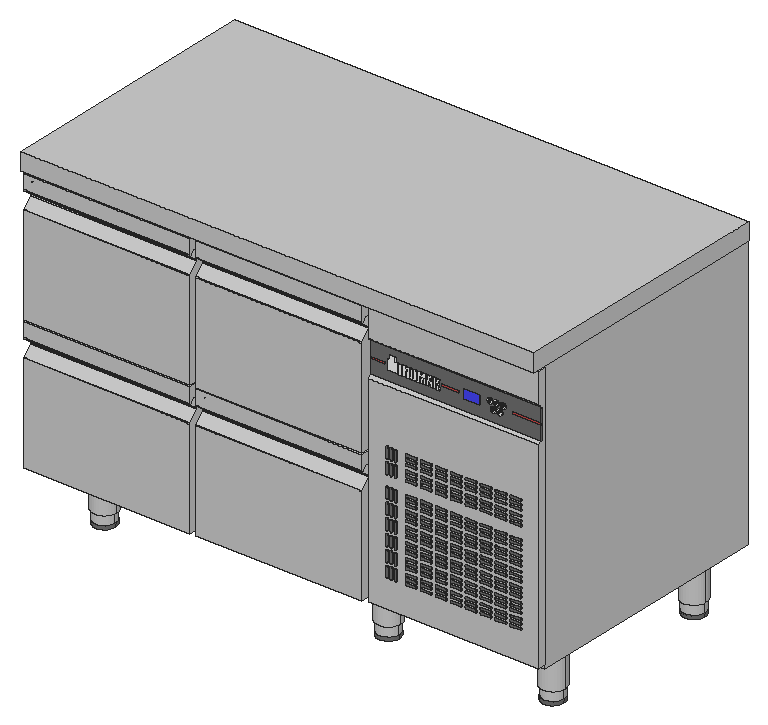
Revit family "QF_INOMAK_PNRP99_250611032759", category Specialty Equipment, Revit 2021 (continued)
Definition of nested family "QF_INOMAK_REF_COUNTERS_DOORS_DRAWERS_16448"
  Parameters (values of type "DR-LX-710")
    Point Load [instance] = 0
    Plinth height [instance] = 0 mm
    Other Equipment Approvals [instance] = ""
    NAFEM Spec ID Number [instance] = ""
    Model Warning [instance] = ""
    Model = "DR-LX-710"
    Masterspec [instance] = ""
    Manufacturer = "INOMAK"
    Length Actual [instance] = 435 mm
    Left panel thickness [instance] = 0 mm
    Item Number [instance] = ""
    Installed By [instance] = ""
    Installation Date [instance] = ""
    Identify Quantity as Lot [instance] = yes
    ID [instance] = ""
    Hygiene Approval [instance] = ""
    Height Actual [instance] = 710 mm
    Furnished By [instance] = ""
    Front inset [instance] = 10 mm
    Foodservice Equipment Identifier [instance] = yes
    Finish [instance] = none
    ETL Approved [instance] = yes
    Doors drawers type [instance] = 8
    Description = "LEFT HINGED DOOR"
    Depth Actual [instance] = 700 mm
    Default Elevation = 0 mm
    CSI MasterFormat [instance] = ""
    CE Approved [instance] = yes
    Bottom inset [instance] = 10 mm
    Barcode [instance] = ""
    Author [instance] = ""
    Asset Identifier [instance] = ""
    Assembly Code = "E1090320"
    Accessory [instance] = yes
  Types (9, lengths in mm): name | Model | Height Actual | Doors drawers type | Description
    DW-2-710 | "DW-2-710" | 710 | 4 | "2 X GN 1/2 DRAWERS"
    DR-LX-710 | "DR-LX-710" | 710 | 8 | "LEFT HINGED DOOR"
    DR-RX-710 | "DR-RX-710" | 710 | 9 | "RIGHT HINGED DOOR"
    DW-3-710 | "DW-3-710" | 710 | 6 | "3 X GN 1/3 DRAWERS"
    DW-B-710 | "DW-B-710" | 710 | 5 | "1 X GN 1/3 & 1 X GN 2/3 DRAWERS"
    DW-2-483 | "DW-2-483" | 483 | 4 | "2 X GN 1/3 DRAWERS"
    DR-LX-483 | "DR-LX-483" | 483 | 8 | "LEFT HINGED DOOR"
    DR-RX-483 | "DR-RX-483" | 483 | 9 | "RIGHT HINGED DOOR"
    DW-1-483 | "DW-1-483" | 483 | 10 | "1 X GN 2/3 DRAWER"
  Reference planes
    plane 1 "Front": y = 0
    plane 2: z = 0
    plane 3 "Left": x = 0
    plane 4 "Right": x = 435
    plane 5 "Back": y = 700
    plane 6 "Top": z = 710
    plane 7 "Bottom shelf": z = 0
    plane 8: z = 700
    plane 9: z = 10
    plane 10: x = 0
    plane 11: x = 435
    plane 12 "Center Top Bottom": z = 355
  Lines and regions (mm)
    reference lines
      curve 1: line (0, 0, 355) -> (0, 25, 355)
      curve 2: line (435, 0, 355) -> (435, 25, 355)
      curve 3: line (0, 700, 355) -> (435, 700, 355)
      curve 4: line (0, 0, 355) -> (435, 0, 355)
  Dimensions and locks
    "Length Actual": plane 3 "Left" to plane 4 "Right"
    "Depth Actual": plane 1 "Front" to plane 5 "Back"
    "Height Actual": plane 6 "Top" to plane 7 "Bottom shelf"
    "Plinth height": plane 7 "Bottom shelf" to plane 2
    "Top inset": plane 6 "Top" to plane 8
    "Bottom inset": plane 9 to plane 7 "Bottom shelf"
    "Left panel thickness": plane 3 "Left" to plane 10
    "Right panel thickness": plane 11 to plane 4 "Right"
    equal spacing: plane 6 "Top", plane 12 "Center Top Bottom", plane 7 "Bottom shelf"
    "Length Actual": curve 1 to plane 4 "Right"
    "Length Actual": plane 3 "Left" to curve 2
    "Depth Actual": plane 1 "Front" to curve 3
    "Depth Actual": plane 5 "Back" to curve 4
    aligned and locked: level to plane 2
    aligned and locked: plane 3 "Left" to nested 1
    aligned and locked: plane 3 "Left" to nested 2
    aligned and locked: plane 3 "Left" to nested 3
    aligned and locked: plane 3 "Left" to nested 4
    aligned and locked: plane 3 "Left" to nested 5
    aligned and locked: plane 3 "Left" to nested 6
    aligned and locked: plane 3 "Left" to nested 7
    aligned and locked: plane 3 "Left" to nested 8
    aligned and locked: plane 3 "Left" to nested 9
    aligned and locked: nested 4 to plane 1 "Front"
    aligned and locked: nested 6 to plane 1 "Front"
    aligned and locked: nested 8 to plane 1 "Front"
    aligned and locked: nested 5 to plane 1 "Front"
    aligned and locked: nested 3 to plane 1 "Front"
    aligned and locked: nested 7 to plane 1 "Front"
    aligned and locked: nested 2 to plane 1 "Front"
    aligned and locked: nested 1 to plane 1 "Front"
    aligned and locked: nested 9 to plane 1 "Front"
  Automatic sketch dimensions
    curve 3 to plane 4 "Right" = 0 mm
    curve 3 to plane 3 "Left" = 0 mm
    curve 2 to curve 2 = 25 mm
    curve 1 to curve 1 = 25 mm
  Nested families
    nested 1: "Right_Door" at (0, 700, 0), Depth Actual <- "Depth Actual", Height Actual <- "Height Actual", Length Actual <- "Length Actual", Front inset <- "Front inset", Rear inset <- "Rear inset", Left panel thickness <- "Left panel thickness", Right panel thickness <- "Right panel thickness", Doors drawers type <- "Doors drawers type", Plinth height <- "Plinth height", Top inset <- "Top inset", Bottom inset <- "Bottom inset", type "Right door"
      with Top inset 10 mm, Right panel thickness 0 mm, Right hand hinged door no, Rear inset 0 mm, Plinth height 0 mm, Length Actual 435 mm, Left panel thickness 0 mm, Height Actual 710 mm, Front inset 10 mm, Doors drawers type 8, Depth Actual 700 mm, Bottom inset 10 mm
    nested 2: "Left_Door" at (0, 700, 0), Depth Actual <- "Depth Actual", Height Actual <- "Height Actual", Length Actual <- "Length Actual", Front inset <- "Front inset", Rear inset <- "Rear inset", Left panel thickness <- "Left panel thickness", Right panel thickness <- "Right panel thickness", Doors drawers type <- "Doors drawers type", Plinth height <- "Plinth height", Top inset <- "Top inset", Bottom inset <- "Bottom inset", type "Left door"
      with Top inset 10 mm, Right panel thickness 0 mm, Rear inset 0 mm, Plinth height 0 mm, Length Actual 435 mm, Left panel thickness 0 mm, Left hand hinged door yes, Height Actual 710 mm, Front inset 10 mm, Doors drawers type 8, Depth Actual 700 mm, Bottom inset 10 mm
    nested 3: "3_Drawers_1-3" at (0, 700, 0), Depth Actual <- "Depth Actual", Height Actual <- "Height Actual", Length Actual <- "Length Actual", Front inset <- "Front inset", Rear inset <- "Rear inset", Left panel thickness <- "Left panel thickness", Right panel thickness <- "Right panel thickness", Doors drawers type <- "Doors drawers type", Plinth height <- "Plinth height", Top inset <- "Top inset", Bottom inset <- "Bottom inset", type "3 Drawers 1-3"
      with Top inset 10 mm, Right panel thickness 0 mm, Rear inset 0 mm, Plinth height 0 mm, Length Actual 435 mm, Left panel thickness 0 mm, Height Actual 710 mm, Front inset 10 mm, Doors drawers type 8, Depth Actual 700 mm, Bottom inset 10 mm, 3 Drawers no
    nested 4: "2_Drawers_1-2" at (0, 700, 0), Depth Actual <- "Depth Actual", Height Actual <- "Height Actual", Length Actual <- "Length Actual", Front inset <- "Front inset", Rear inset <- "Rear inset", Left panel thickness <- "Left panel thickness", Right panel thickness <- "Right panel thickness", Doors drawers type <- "Doors drawers type", Plinth height <- "Plinth height", Top inset <- "Top inset", Bottom inset <- "Bottom inset", type "2 Drawers 1-2"
      with Top inset 10 mm, Right panel thickness 0 mm, Rear inset 0 mm, Plinth height 0 mm, Length Actual 435 mm, Left panel thickness 0 mm, Height Actual 710 mm, Front inset 10 mm, Doors drawers type 8, Depth Actual 700 mm, Bottom inset 10 mm, 2 Drawers no
    nested 5: "2_Drawers_1-3_2-3" at (0, 700, 0), Depth Actual <- "Depth Actual", Height Actual <- "Height Actual", Length Actual <- "Length Actual", Front inset <- "Front inset", Rear inset <- "Rear inset", Left panel thickness <- "Left panel thickness", Right panel thickness <- "Right panel thickness", Doors drawers type <- "Doors drawers type", Plinth height <- "Plinth height", Top inset <- "Top inset", Bottom inset <- "Bottom inset", type "2 Drawers 1-3 and 2-3"
      with Top inset 10 mm, Right panel thickness 0 mm, Rear inset 0 mm, Plinth height 0 mm, Length Actual 435 mm, Left panel thickness 0 mm, Height Actual 710 mm, Front inset 10 mm, Doors drawers type 8, Depth Actual 700 mm, Bottom inset 10 mm, 2 Drawers 1-3 and 2-3 no
    nested 6: "Sliding_Doors" at (0, 700, 0), Depth Actual <- "Depth Actual", Height Actual <- "Height Actual", Length Actual <- "Length Actual", Front inset <- "Front inset", Rear inset <- "Rear inset", Left panel thickness <- "Left panel thickness", Right panel thickness <- "Right panel thickness", Doors drawers type <- "Doors drawers type", Plinth height <- "Plinth height", Top inset <- "Top inset", Bottom inset <- "Bottom inset", Finish <- "Finish", type "Sliding doors"
      with Top inset 10 mm, Sliding doors no, Right panel thickness 0 mm, Rear inset 0 mm, Plinth height 0 mm, Length Actual 435 mm, Left panel thickness 0 mm, Height Actual 710 mm, Front inset 10 mm, Finish none, Doors drawers type 8, Depth Actual 700 mm, Bottom inset 10 mm
    nested 7: "4_Drawers_1-4" at (0, 700, 0), Depth Actual <- "Depth Actual", Height Actual <- "Height Actual", Length Actual <- "Length Actual", Front inset <- "Front inset", Rear inset <- "Rear inset", Left panel thickness <- "Left panel thickness", Right panel thickness <- "Right panel thickness", Doors drawers type <- "Doors drawers type", Plinth height <- "Plinth height", Top inset <- "Top inset", Bottom inset <- "Bottom inset", Finish <- "Finish", type "4 Drawers 1-4"
      with Top inset 10 mm, Right panel thickness 0 mm, Rear inset 0 mm, Plinth height 0 mm, Length Actual 435 mm, Left panel thickness 0 mm, Height Actual 710 mm, Front inset 10 mm, Finish none, Doors drawers type 8, Depth Actual 700 mm, Bottom inset 10 mm, 4 Drawers no
    nested 8: "Hinged_Doors" at (0, 700, 0), Length Actual <- "Length Actual", Depth Actual <- "Depth Actual", Height Actual <- "Height Actual", Front inset <- "Front inset", Rear inset <- "Rear inset", Left panel thickness <- "Left panel thickness", Right panel thickness <- "Right panel thickness", Doors drawers type <- "Doors drawers type", Plinth height <- "Plinth height", Top inset <- "Top inset", Bottom inset <- "Bottom inset", Finish <- "Finish", type "Hinged doors"
      with Top inset 10 mm, Right panel thickness 0 mm, Rear inset 0 mm, Plinth height 0 mm, Length Actual 435 mm, Left panel thickness 0 mm, Hinged doors no, Height Actual 710 mm, Front inset 10 mm, Finish none, Doors drawers type 8, Depth Actual 700 mm, Bottom inset 10 mm
    nested 9: "Hopper" at (0, 700, 1.284), Length Actual <- "Length Actual", Depth Actual <- "Depth Actual", Height Actual <- "Height Actual", Front inset <- "Front inset", Rear inset <- "Rear inset", Left panel thickness <- "Left panel thickness", Right panel thickness <- "Right panel thickness", Doors drawers type <- "Doors drawers type", Plinth height <- "Plinth height", Top inset <- "Top inset", Bottom inset <- "Bottom inset", Finish <- "Finish", type "Hopper"
      with Top inset 10 mm, Right panel thickness 0 mm, Rear inset 0 mm, Plinth height 0 mm, Length Actual 435 mm, Left panel thickness 0 mm, Hopper no, Height Actual 710 mm, Front inset 10 mm, Finish none, Doors drawers type 8, Depth Actual 700 mm, Bottom inset 10 mm
  Definition of nested family "Left_Door"
    Parameters (values of type "Left door")
      URL = "www.specifiglobal.com"
      Top inset [instance] = 10 mm
      Right panel thickness [instance] = 0 mm
      Rear inset [instance] = 0 mm
      Plinth height [instance] = 150 mm
      Model = ""
      Manufacturer = "DEMO CONSULTANT"
      Length Actual [instance] = 700 mm
      Left panel thickness [instance] = 0 mm
      Left hand hinged door [instance] = Doors drawers type = 8  # yes
      Height Actual [instance] = 710 mm
      Front inset [instance] = 10 mm
      Finish = none
      Doors drawers type [instance] = 8
      Description = ""
      Depth Actual [instance] = 700 mm
      Default Elevation = 0 mm
      Bottom inset [instance] = 0 mm
      Assembly Code = "E1090320"
    Reference planes
      plane 1 "Back": y = 0
      plane 2: z = 0
      plane 3 "Left": x = 0
      plane 4 "Right": x = 700
      plane 5 "Front": y = -700
      plane 6 "Top": z = 860
      plane 7 "Front legs": y = -690
      plane 8 "Legs top": z = 150
      plane 9 "Backsplash thickness": y = 0
      plane 10 "Left panel": x = 0
      plane 11 "Right panel": x = 700
      plane 12: z = 850
      plane 13: z = 150
    Forms (mm)
      Extrusion 1, solid, material <- "Finish", visible <- "Left hand hinged door"
        sketch origin (0, 0, 0) x (0, -1, 0) y (0, 0, 1)
          loop
            line (690, 150) -> (690, 764.365)
            arc (690, 764.365) -> (689.866, 765.037) -> (689.485, 765.607) r 1.757
            line (689.485, 765.607) -> (666.663, 788.429)
            arc (666.663, 788.429) -> (665.976, 789.458) -> (665.734, 790.672) r 3.172
            line (665.734, 790.672) -> (665.734, 817.576)
            arc (665.734, 817.576) -> (666.433, 819.262) -> (668.119, 819.961) r 2.385
            line (668.119, 819.961) -> (680.029, 819.961) -> (686.544, 810.657)
            arc (686.544, 810.657) -> (688.671, 809.935) -> (690, 811.747) r 1.9
            line (690, 811.747) -> (690, 850) -> (648, 850) -> (648, 150) -> (690, 150)
        from 0 to -700
      Extrusion 2, solid, visible <- "Left hand hinged door", detail levels coarse
        sketch origin (0, -700, 150) x (-1, 0, 0) y (0, 1, 0)
          loop
            arc (-700, 10) -> (-495.871, -481.066) -> (0, -673.23) r 677.11
            line (0, -673.23) -> (0, 10) -> (-700, 10)
        from 0 to -700
    Lines and regions (mm)
      symbolic lines, visible <- "Left hand hinged door"
        curve 1: line (0, -700, 150) -> (0, -1373.247, 150)
        curve 2: arc (0, -1373.247, 150) -> (492.316, -1184.595, 150) -> (700, -700, 150) r 676.963
    Dimensions and locks
      "Length Actual": plane 3 "Left" to plane 4 "Right"
      "Depth Actual": plane 5 "Front" to plane 1 "Back"
      "Height Actual": plane 6 "Top" to plane 8 "Legs top"
      "Front inset": plane 7 "Front legs" to plane 5 "Front"
      "Plinth height": plane 8 "Legs top" to plane 2
      "Rear inset": plane 9 "Backsplash thickness" to plane 1 "Back"
      "Right panel thickness": plane 11 "Right panel" to plane 4 "Right"
      "Left panel thickness": plane 3 "Left" to plane 10 "Left panel"
      "Top inset": plane 6 "Top" to plane 12
      "Bottom inset": plane 13 to plane 8 "Legs top"
      aligned and locked: level to plane 2
      aligned and locked: Extrusion 1 to plane 11 "Right panel"
      aligned and locked: plane 10 "Left panel" to Extrusion 2 sketch curve
      aligned and locked: plane 11 "Right panel" to Extrusion 2 sketch curve
      aligned and locked: Extrusion 2 sketch curve to plane 10 "Left panel"
      aligned and locked: plane 7 "Front legs" to Extrusion 2 sketch curve
      aligned and locked: plane 7 "Front legs" to Extrusion 2
      aligned and locked: plane 10 "Left panel" to Extrusion 2
      aligned and locked: Extrusion 2 to plane 12
      aligned and locked: Extrusion 1 sketch curve to plane 13
      aligned and locked: Extrusion 1 sketch curve to plane 7 "Front legs"
      aligned and locked: Extrusion 1 sketch curve to plane 12
    Automatic sketch dimensions
      Extrusion 1 sketch curve to Extrusion 1 sketch curve = 1.556 mm
      Extrusion 1 sketch curve to Extrusion 1 sketch curve = 11.91 mm
      Extrusion 1 sketch curve to Extrusion 1 sketch curve = 2.243 mm
      Extrusion 1 sketch curve to Extrusion 1 sketch curve = 2.385 mm
      Extrusion 1 sketch curve to Extrusion 1 sketch curve = 20.119 mm
      Extrusion 1 sketch curve to Extrusion 1 sketch curve = 22.822 mm
      Extrusion 1 sketch curve to Extrusion 1 sketch curve = 19.985 mm
      Extrusion 1 sketch curve to Extrusion 1 sketch curve = 6.919 mm
      Extrusion 1 sketch curve to Extrusion 1 sketch curve = 30.039 mm
      plane 7 "Front legs" to Extrusion 1 sketch curve = 42 mm
      Extrusion 1 sketch curve to Extrusion 1 sketch curve = 0.929 mm
      Extrusion 1 sketch curve to Extrusion 1 sketch curve = 6.515 mm
      Extrusion 1 sketch curve to Extrusion 1 sketch curve = 1.242 mm
      Extrusion 1 sketch curve to Extrusion 1 sketch curve = 1.9 mm
      Extrusion 1 sketch curve to Extrusion 1 sketch curve = 0.515 mm
      plane 5 "Front" to Extrusion 2 sketch curve = 3.492 mm
      plane 3 "Left" to Extrusion 2 sketch curve = 22.921 mm
      curve 1 to plane 3 "Left" = 0 mm
      curve 2 to plane 4 "Right" = 0 mm
      curve 2 to plane 5 "Front" = 0 mm
      curve 1 to plane 5 "Front" = 0 mm
      plane 5 "Front" to curve 2 = 3.324 mm
      plane 3 "Left" to curve 2 = 23.045 mm
  Definition of nested family "Right_Door"
    Parameters (values of type "Right door")
      URL = "www.specifiglobal.com"
      Top inset [instance] = 4 mm
      Right panel thickness [instance] = 35 mm
      Right hand hinged door [instance] = Doors drawers type = 9  # yes
      Rear inset [instance] = 10 mm
      Plinth height [instance] = 150 mm
      Model = ""
      Manufacturer = "DEMO CONSULTANT"
      Length Actual [instance] = 1700 mm
      Left panel thickness [instance] = 35 mm
      Height Actual [instance] = 900 mm
      Front inset [instance] = 10 mm
      Finish = none
      Doors drawers type [instance] = 9
      Description = ""
      Depth Actual [instance] = 700 mm
      Default Elevation = 0 mm
      Bottom inset [instance] = 4 mm
      Assembly Code = "E1090320"
    Reference planes
      plane 1 "Back": y = 0
      plane 2: z = 0
      plane 3 "Left": x = 0
      plane 4 "Right": x = 1700
      plane 5 "Front": y = -700
      plane 6 "Top": z = 1050
      plane 7 "Front legs": y = -690
      plane 8 "Legs top": z = 150
      plane 9 "Backsplash thickness": y = -10
      plane 10 "Left panel": x = 35
      plane 11 "Right panel": x = 1665
      plane 12: z = 1046
      plane 13: z = 154
    Forms (mm)
      Extrusion 1, solid, material <- "Finish", visible <- "Right hand hinged door"
        sketch origin (35, 0, 0) x (0, -1, 0) y (0, 0, 1)
          loop
            line (690, 154) -> (690, 960.365)
            arc (690, 960.365) -> (689.866, 961.037) -> (689.485, 961.607) r 1.757
            line (689.485, 961.607) -> (666.663, 984.429)
            arc (666.663, 984.429) -> (665.976, 985.458) -> (665.734, 986.672) r 3.172
            line (665.734, 986.672) -> (665.734, 1013.576)
            arc (665.734, 1013.576) -> (666.433, 1015.262) -> (668.119, 1015.961) r 2.385
            line (668.119, 1015.961) -> (680.029, 1015.961) -> (686.544, 1006.657)
            arc (686.544, 1006.657) -> (688.671, 1005.935) -> (690, 1007.747) r 1.9
            line (690, 1007.747) -> (690, 1046) -> (648, 1046) -> (648, 154) -> (690, 154)
        from 0 to -1630
      Extrusion 2, solid, visible <- "Right hand hinged door", detail levels coarse
        sketch origin (0, -700, 154) x (-1, 0, 0) y (0, 1, 0)
          loop
            line (-1665, 10) -> (-1665, -1637.12)
            arc (-1665, -1637.12) -> (-517.894, -1142.214) -> (-35, 10) r 1670.236
            line (-35, 10) -> (-1665, 10)
        from 0 to -892
    Lines and regions (mm)
      symbolic lines, visible <- "Right hand hinged door"
        curve 1: line (1665, -2337.12, 150) -> (1665, -700, 150)
        curve 2: arc (1665, -2337.12, 150) -> (521.415, -1845.762, 150) -> (35.165, -699.995, 150) r 1670.236
    Dimensions and locks
      "Length Actual": plane 3 "Left" to plane 4 "Right"
      "Depth Actual": plane 5 "Front" to plane 1 "Back"
      "Height Actual": plane 6 "Top" to plane 8 "Legs top"
      "Front inset": plane 7 "Front legs" to plane 5 "Front"
      "Plinth height": plane 8 "Legs top" to plane 2
      "Rear inset": plane 9 "Backsplash thickness" to plane 1 "Back"
      "Right panel thickness": plane 11 "Right panel" to plane 4 "Right"
      "Left panel thickness": plane 3 "Left" to plane 10 "Left panel"
      "Top inset": plane 6 "Top" to plane 12
      "Bottom inset": plane 13 to plane 8 "Legs top"
      aligned and locked: level to plane 2
      aligned and locked: Extrusion 1 to plane 11 "Right panel"
      aligned and locked: plane 10 "Left panel" to Extrusion 2 sketch curve
      aligned and locked: plane 11 "Right panel" to Extrusion 2 sketch curve
      aligned and locked: plane 7 "Front legs" to Extrusion 2
      aligned and locked: plane 7 "Front legs" to Extrusion 2 sketch curve
      aligned and locked: Extrusion 2 sketch curve to plane 11 "Right panel"
      aligned and locked: curve 1 to Extrusion 2
      aligned and locked: plane 5 "Front" to curve 1
      aligned and locked: Extrusion 2 to plane 12
      aligned and locked: Extrusion 1 sketch curve to plane 12
      aligned and locked: Extrusion 1 sketch curve to plane 7 "Front legs"
      aligned and locked: Extrusion 1 sketch curve to plane 13
      aligned and locked: curve 2 to Extrusion 2
    Automatic sketch dimensions
      Extrusion 1 sketch curve to Extrusion 1 sketch curve = 1.556 mm
      Extrusion 1 sketch curve to Extrusion 1 sketch curve = 11.91 mm
      Extrusion 1 sketch curve to Extrusion 1 sketch curve = 2.243 mm
      Extrusion 1 sketch curve to Extrusion 1 sketch curve = 2.385 mm
      Extrusion 1 sketch curve to Extrusion 1 sketch curve = 20.119 mm
      Extrusion 1 sketch curve to Extrusion 1 sketch curve = 22.822 mm
      Extrusion 1 sketch curve to Extrusion 1 sketch curve = 19.985 mm
      Extrusion 1 sketch curve to Extrusion 1 sketch curve = 6.919 mm
      Extrusion 1 sketch curve to Extrusion 1 sketch curve = 30.039 mm
      plane 7 "Front legs" to Extrusion 1 sketch curve = 42 mm
      Extrusion 1 sketch curve to Extrusion 1 sketch curve = 0.929 mm
      Extrusion 1 sketch curve to Extrusion 1 sketch curve = 6.515 mm
      Extrusion 1 sketch curve to Extrusion 1 sketch curve = 1.242 mm
      Extrusion 1 sketch curve to Extrusion 1 sketch curve = 1.9 mm
      Extrusion 1 sketch curve to Extrusion 1 sketch curve = 0.515 mm
      Extrusion 2 sketch curve to plane 4 "Right" = 5.083 mm
      plane 7 "Front legs" to Extrusion 2 sketch curve = 22.635 mm
      plane 5 "Front" to curve 2 = 0.005 mm
  Definition of nested family "3_Drawers_1-3"
    Parameters (values of type "3 Drawers 1-3")
      URL = "www.specifiglobal.com"
      Top inset [instance] = 4 mm
      Right panel thickness [instance] = 35 mm
      Rear inset [instance] = 10 mm
      Plinth height [instance] = 150 mm
      Model = ""
      Manufacturer = "DEMO CONSULTANT"
      Length Actual [instance] = 1200 mm
      Left panel thickness [instance] = 35 mm
      Height Actual [instance] = 900 mm
      Front inset [instance] = 10 mm
      Finish = none
      Doors drawers type [instance] = 6
      Description = ""
      Depth Actual [instance] = 700 mm
      Default Elevation = 0 mm
      Bottom inset [instance] = 4 mm
      Assembly Code = "E1090320"
      3 Drawers [instance] = Doors drawers type = 6  # yes
    Reference planes
      plane 1 "Back": y = 0
      plane 2: z = 0
      plane 3 "Left": x = 0
      plane 4 "Right": x = 1200
      plane 5 "Front": y = -700
      plane 6 "Top": z = 1050
      plane 7 "Front legs": y = -690
      plane 8 "Legs top": z = 150
      plane 9 "Backsplash thickness": y = -10
      plane 10 "Left panel": x = 35
      plane 11 "Right panel": x = 1165
      plane 12: z = 749.333
      plane 13: z = 1046
      plane 14: z = 751.667
      plane 15: z = 747
      plane 16: z = 1048
      plane 17: z = 450.667
      plane 18: z = 453.333
      plane 19: z = 448
      plane 20: z = 154
      plane 21: z = 152
    Forms (mm)
      Extrusion 1, solid, material <- "Finish", visible <- "3 Drawers"
        sketch origin (35, 0, 0) x (0, -1, 0) y (0, 0, 1)
          loop
            line (690, 751.667) -> (690, 960.365)
            arc (690, 960.365) -> (689.866, 961.037) -> (689.485, 961.607) r 1.757
            line (689.485, 961.607) -> (666.663, 984.429)
            arc (666.663, 984.429) -> (665.976, 985.458) -> (665.734, 986.672) r 3.172
            line (665.734, 986.672) -> (665.734, 1013.576)
            arc (665.734, 1013.576) -> (666.433, 1015.262) -> (668.119, 1015.961) r 2.385
            line (668.119, 1015.961) -> (680.029, 1015.961) -> (686.544, 1006.657)
            arc (686.544, 1006.657) -> (688.671, 1005.935) -> (690, 1007.747) r 1.9
            line (690, 1007.747) -> (690, 1046) -> (648, 1046) -> (648, 751.667) -> (690, 751.667)
        from 0 to -1130
      Extrusion 2, solid, visible <- "3 Drawers", detail levels coarse
        sketch origin (0, -640.463, 751.667) x (0, 1, 0) y (-1, 0, 0)
          loop
            line (-49.537, -35) -> (-624.582, -35) -> (-624.582, -1165) -> (-49.537, -1165) -> (-49.537, -35)
        from 0 to 294.333
      Extrusion 3, solid, visible <- "3 Drawers", detail levels coarse
        sketch origin (0, -640.463, 453.333) x (0, 1, 0) y (-1, 0, 0)
          loop
            line (-49.537, -35) -> (-624.582, -35) -> (-624.582, -1165) -> (-49.537, -1165) -> (-49.537, -35)
        from 0 to 293.667
      Extrusion 4, solid, visible <- "3 Drawers", detail levels coarse
        sketch origin (0, -700, 154) x (-1, 0, 0) y (0, 1, 0)
          loop
            line (-35, 10) -> (-1165, 10) -> (-1165, -565.045) -> (-35, -565.045) -> (-35, 10)
        from 0 to -294
      Extrusion 5, solid, material <- "Finish", visible <- "3 Drawers"
        sketch origin (35, 0, -220.667) x (0, -1, 0) y (0, 0, 1)
          loop
            line (690, 674) -> (690, 882.031)
            arc (690, 882.031) -> (689.866, 882.704) -> (689.485, 883.274) r 1.757
            line (689.485, 883.274) -> (666.663, 906.096)
            arc (666.663, 906.096) -> (665.976, 907.125) -> (665.734, 908.339) r 3.172
            line (665.734, 908.339) -> (665.734, 935.243)
            arc (665.734, 935.243) -> (666.433, 936.929) -> (668.119, 937.628) r 2.385
            line (668.119, 937.628) -> (680.029, 937.628) -> (686.544, 928.324)
            arc (686.544, 928.324) -> (688.671, 927.602) -> (690, 929.414) r 1.9
            line (690, 929.414) -> (690, 967.667) -> (648, 967.667) -> (648, 674) -> (690, 674)
        from 0 to -1130
      Extrusion 6, solid, material <- "Finish", visible <- "3 Drawers"
        sketch origin (35, 0, -441.333) x (0, -1, 0) y (0, 0, 1)
          loop
            line (690, 595.333) -> (690, 800.031)
            arc (690, 800.031) -> (689.866, 800.704) -> (689.485, 801.274) r 1.757
            line (689.485, 801.274) -> (666.663, 824.096)
            arc (666.663, 824.096) -> (665.976, 825.125) -> (665.734, 826.339) r 3.172
            line (665.734, 826.339) -> (665.734, 857.243)
            arc (665.734, 857.243) -> (666.433, 858.929) -> (668.119, 859.628) r 2.385
            line (668.119, 859.628) -> (680.029, 859.628) -> (686.544, 850.324)
            arc (686.544, 850.324) -> (688.671, 849.602) -> (690, 851.414) r 1.9
            line (690, 851.414) -> (690, 889.333) -> (648, 889.333) -> (648, 595.333) -> (690, 595.333)
        from 0 to -1130
    Lines and regions (mm)
      symbolic lines, visible <- "3 Drawers"
        curve 1: line (35, -850, 900) -> (35, -890, 900)
        curve 2: line (35, -890, 900) -> (1165, -890, 900)
        curve 3: line (1165, -890, 900) -> (1165, -850, 900)
        curve 4: line (1165, -850, 900) -> (35, -850, 900)
        curve 5: line (1135, -850, 900) -> (1135, -700, 900)
        curve 6: line (65, -850, 900) -> (65, -700, 900)
        curve 7: line (35, -1040, 900) -> (35, -1080, 900)
        curve 8: line (35, -1080, 900) -> (1165, -1080, 900)
        curve 9: line (1165, -1080, 900) -> (1165, -1040, 900)
        curve 10: line (1165, -1040, 900) -> (35, -1040, 900)
        curve 11: line (1135, -1040, 900) -> (1135, -890, 900)
        curve 12: line (65, -1040, 900) -> (65, -890, 900)
        curve 13: line (35, -1225, 900) -> (35, -1265, 900)
        curve 14: line (35, -1265, 900) -> (1165, -1265, 900)
        curve 15: line (1165, -1265, 900) -> (1165, -1225, 900)
        curve 16: line (1165, -1225, 900) -> (35, -1225, 900)
        curve 17: line (1135, -1225, 900) -> (1135, -1080, 900)
        curve 18: line (65, -1225, 900) -> (65, -1080, 900)
    Dimensions and locks
      "Length Actual": plane 3 "Left" to plane 4 "Right"
      "Depth Actual": plane 5 "Front" to plane 1 "Back"
      "Height Actual": plane 6 "Top" to plane 8 "Legs top"
      "Front inset": plane 7 "Front legs" to plane 5 "Front"
      "Plinth height": plane 8 "Legs top" to plane 2
      "Rear inset": plane 9 "Backsplash thickness" to plane 1 "Back"
      "Right panel thickness": plane 11 "Right panel" to plane 4 "Right"
      "Left panel thickness": plane 3 "Left" to plane 10 "Left panel"
      plane 14 to plane 15 = 4.667 mm
      equal spacing: plane 14, plane 12, plane 15
      locked: plane 16 to plane 13 at 2
      equal spacing: plane 18, plane 17, plane 19
      plane 18 to plane 19 = 5.333 mm
      "Bottom inset": plane 20 to plane 8 "Legs top"
      equal spacing: plane 21, plane 17, plane 12, plane 16
      "Top inset": plane 13 to plane 6 "Top"
      locked: plane 21 to plane 20 at 2
      aligned and locked: level to plane 2
      aligned and locked: Extrusion 1 to plane 11 "Right panel"
      aligned and locked: plane 10 "Left panel" to curve 1
      aligned and locked: plane 10 "Left panel" to curve 7
      aligned and locked: plane 10 "Left panel" to curve 13
      aligned and locked: Extrusion 2 sketch curve to plane 10 "Left panel"
      aligned and locked: plane 11 "Right panel" to Extrusion 2 sketch curve
      aligned and locked: Extrusion 3 sketch curve to plane 10 "Left panel"
      aligned and locked: plane 11 "Right panel" to Extrusion 3 sketch curve
      aligned and locked: Extrusion 4 sketch curve to plane 10 "Left panel"
      aligned and locked: plane 11 "Right panel" to Extrusion 4 sketch curve
      aligned and locked: Extrusion 2 to plane 13
      aligned and locked: Extrusion 3 to plane 15
      aligned and locked: Extrusion 4 to plane 19
      aligned and locked: Extrusion 5 to plane 11 "Right panel"
      aligned and locked: Extrusion 6 to plane 11 "Right panel"
      aligned and locked: Extrusion 1 sketch curve to plane 13
      aligned and locked: Extrusion 1 sketch curve to plane 7 "Front legs"
      aligned and locked: plane 18 to Extrusion 5 sketch curve
      aligned and locked: Extrusion 6 sketch curve to Extrusion 4  (x2)
      aligned and locked: Extrusion 5 sketch curve to plane 15
      aligned and locked: Extrusion 4 to Extrusion 5 sketch curve
      aligned and locked: Extrusion 6 sketch curve to plane 19
      aligned and locked: Extrusion 6 sketch curve to plane 20
    Automatic sketch dimensions
      Extrusion 2 sketch curve to plane 7 "Front legs" = 0 mm
      Extrusion 2 sketch curve to plane 5 "Front" = 565.045 mm
      Extrusion 3 sketch curve to plane 7 "Front legs" = 0 mm
      Extrusion 3 sketch curve to plane 5 "Front" = 565.045 mm
      Extrusion 4 sketch curve to plane 7 "Front legs" = 0 mm
      Extrusion 4 sketch curve to plane 5 "Front" = 565.045 mm
      curve 14 to plane 11 "Right panel" = 0 mm
      curve 8 to plane 11 "Right panel" = 0 mm
      curve 3 to plane 11 "Right panel" = 0 mm
      curve 6 to plane 5 "Front" = 0 mm
      curve 5 to plane 5 "Front" = 0 mm
      curve 1 to plane 5 "Front" = 150 mm
      curve 2 to curve 3 = 40 mm
      curve 10 to curve 1 = 150 mm
      curve 9 to curve 9 = 40 mm
      curve 13 to curve 7 = 145 mm
      curve 14 to curve 13 = 40 mm
      curve 3 to curve 5 = 30 mm
      curve 15 to curve 17 = 30 mm
      curve 11 to curve 17 = 0 mm
      curve 6 to plane 10 "Left panel" = 30 mm
      curve 18 to plane 10 "Left panel" = 30 mm
      curve 12 to curve 18 = 0 mm
      Extrusion 1 sketch curve to plane 14 = 0 mm
      Extrusion 1 sketch curve to plane 7 "Front legs" = 0 mm
      plane 7 "Front legs" to Extrusion 1 sketch curve = 0.515 mm
      plane 7 "Front legs" to Extrusion 1 sketch curve = 1.757 mm
      plane 7 "Front legs" to Extrusion 1 sketch curve = 1.9 mm
      Extrusion 1 sketch curve to Extrusion 1 sketch curve = 1.556 mm
      plane 7 "Front legs" to Extrusion 1 sketch curve = 9.971 mm
      plane 7 "Front legs" to Extrusion 1 sketch curve = 21.094 mm
      Extrusion 1 sketch curve to Extrusion 1 sketch curve = 11.91 mm
      Extrusion 1 sketch curve to Extrusion 1 sketch curve = 2.243 mm
      Extrusion 1 sketch curve to Extrusion 1 sketch curve = 2.385 mm
      Extrusion 1 sketch curve to Extrusion 1 sketch curve = 20.119 mm
      plane 13 to Extrusion 1 sketch curve = 85.635 mm
      Extrusion 1 sketch curve to Extrusion 1 sketch curve = 22.822 mm
      Extrusion 1 sketch curve to Extrusion 1 sketch curve = 19.985 mm
      Extrusion 1 sketch curve to Extrusion 1 sketch curve = 6.919 mm
      plane 15 to Extrusion 5 sketch curve = 59.328 mm
      Extrusion 5 sketch curve to Extrusion 5 sketch curve = 17.734 mm
      plane 15 to Extrusion 5 sketch curve = 61.571 mm
      Extrusion 5 sketch curve to Extrusion 5 sketch curve = 0.929 mm
      Extrusion 5 sketch curve to Extrusion 5 sketch curve = 2.385 mm
      Extrusion 5 sketch curve to Extrusion 5 sketch curve = 11.91 mm
      Extrusion 5 sketch curve to Extrusion 5 sketch curve = 6.515 mm
      Extrusion 5 sketch curve to Extrusion 5 sketch curve = 1.556 mm
      Extrusion 5 sketch curve to Extrusion 5 sketch curve = 21.58 mm
      plane 15 to Extrusion 5 sketch curve = 84.393 mm
      Extrusion 5 sketch curve to Extrusion 5 sketch curve = 1.242 mm
      Extrusion 5 sketch curve to Extrusion 5 sketch curve = 1.9 mm
      Extrusion 5 sketch curve to Extrusion 5 sketch curve = 0.515 mm
      Extrusion 5 sketch curve to Extrusion 5 sketch curve = 6.919 mm
      Extrusion 5 sketch curve to Extrusion 5 sketch curve = 30.039 mm
      plane 7 "Front legs" to Extrusion 6 sketch curve = 0.515 mm
      plane 7 "Front legs" to Extrusion 6 sketch curve = 1.757 mm
      plane 7 "Front legs" to Extrusion 6 sketch curve = 1.9 mm
      Extrusion 6 sketch curve to Extrusion 6 sketch curve = 1.556 mm
      plane 7 "Front legs" to Extrusion 6 sketch curve = 9.971 mm
      plane 7 "Front legs" to Extrusion 6 sketch curve = 21.094 mm
      Extrusion 6 sketch curve to Extrusion 6 sketch curve = 11.91 mm
      Extrusion 6 sketch curve to Extrusion 6 sketch curve = 2.243 mm
      Extrusion 6 sketch curve to Extrusion 6 sketch curve = 2.385 mm
      Extrusion 6 sketch curve to Extrusion 6 sketch curve = 20.119 mm
      plane 19 to Extrusion 6 sketch curve = 89.302 mm
      Extrusion 6 sketch curve to Extrusion 6 sketch curve = 22.822 mm
      Extrusion 6 sketch curve to Extrusion 6 sketch curve = 23.985 mm
      Extrusion 6 sketch curve to Extrusion 6 sketch curve = 6.919 mm
  Definition of nested family "2_Drawers_1-2"
    Parameters (values of type "2 Drawers 1-2")
      URL = "www.specifiglobal.com"
      Top inset [instance] = 4 mm
      Right panel thickness [instance] = 35 mm
      Rear inset [instance] = 10 mm
      Plinth height [instance] = 150 mm
      Model = ""
      Manufacturer = "DEMO CONSULTANT"
      Length Actual [instance] = 1200 mm
      Left panel thickness [instance] = 35 mm
      Height Actual [instance] = 900 mm
      Front inset [instance] = 10 mm
      Finish = none
      Doors drawers type [instance] = 4
      Description = ""
      Depth Actual [instance] = 700 mm
      Default Elevation = 0 mm
      Bottom inset [instance] = 4 mm
      Assembly Code = "E1090320"
      2 Drawers [instance] = Doors drawers type = 4  # yes
    Reference planes
      plane 1 "Back": y = 0
      plane 2: z = 0
      plane 3 "Left": x = 0
      plane 4 "Right": x = 1200
      plane 5 "Front": y = -700
      plane 6 "Top": z = 1050
      plane 7 "Front legs": y = -690
      plane 8 "Legs top": z = 150
      plane 9 "Backsplash thickness": y = -10
      plane 10 "Left panel": x = 35
      plane 11 "Right panel": x = 1165
      plane 12: z = 600
      plane 13: z = 1046
      plane 14: z = 602
      plane 15: z = 598
      plane 16: z = 154
    Forms (mm)
      Extrusion 1, solid, material <- "Finish", visible <- "2 Drawers"
        sketch origin (35, 0, 0) x (0, -1, 0) y (0, 0, 1)
          loop
            line (690, 602) -> (690, 960.365)
            arc (690, 960.365) -> (689.866, 961.037) -> (689.485, 961.607) r 1.757
            line (689.485, 961.607) -> (666.663, 984.429)
            arc (666.663, 984.429) -> (665.976, 985.458) -> (665.734, 986.672) r 3.172
            line (665.734, 986.672) -> (665.734, 1013.576)
            arc (665.734, 1013.576) -> (666.433, 1015.262) -> (668.119, 1015.961) r 2.385
            line (668.119, 1015.961) -> (680.029, 1015.961) -> (686.544, 1006.657)
            arc (686.544, 1006.657) -> (688.671, 1005.935) -> (690, 1007.747) r 1.9
            line (690, 1007.747) -> (690, 1046) -> (648, 1046) -> (648, 602) -> (690, 602)
        from 0 to -1130
      Extrusion 2, solid, visible <- "2 Drawers", detail levels coarse
        sketch origin (0, -640.463, 602) x (0, 1, 0) y (-1, 0, 0)
          loop
            line (-49.537, -35) -> (-624.537, -35) -> (-624.537, -1165) -> (-49.537, -1165) -> (-49.537, -35)
        from 0 to 444
      Extrusion 3, solid, visible <- "2 Drawers", detail levels coarse
        sketch origin (0, -700, 154) x (-1, 0, 0) y (0, 1, 0)
          loop
            line (-35, 10) -> (-1165, 10) -> (-1165, -565) -> (-35, -565) -> (-35, 10)
        from 0 to -444
      Extrusion 4, solid, material <- "Finish", visible <- "2 Drawers"
        sketch origin (35, 0, -441.333) x (0, -1, 0) y (0, 0, 1)
          loop
            line (690, 595.333) -> (690, 953.698)
            arc (690, 953.698) -> (689.866, 954.37) -> (689.485, 954.94) r 1.757
            line (689.485, 954.94) -> (666.663, 977.763)
            arc (666.663, 977.763) -> (665.976, 978.792) -> (665.734, 980.006) r 3.172
            line (665.734, 980.006) -> (665.734, 1006.909)
            arc (665.734, 1006.909) -> (666.433, 1008.596) -> (668.119, 1009.294) r 2.385
            line (668.119, 1009.294) -> (680.029, 1009.294) -> (686.544, 999.991)
            arc (686.544, 999.991) -> (688.671, 999.268) -> (690, 1001.08) r 1.9
            line (690, 1001.08) -> (690, 1039.333) -> (648, 1039.333) -> (648, 595.333) -> (690, 595.333)
        from 0 to -1130
    Lines and regions (mm)
      symbolic lines, visible <- "2 Drawers"
        curve 1: line (35, -940, 900) -> (35, -980, 900)
        curve 2: line (35, -980, 900) -> (1165, -980, 900)
        curve 3: line (1165, -980, 900) -> (1165, -940, 900)
        curve 4: line (1165, -940, 900) -> (35, -940, 900)
        curve 5: line (1135, -940, 900) -> (1135, -700, 900)
        curve 6: line (65, -940, 900) -> (65, -700, 900)
        curve 7: line (35, -1225, 900) -> (35, -1265, 900)
        curve 8: line (35, -1265, 900) -> (1165, -1265, 900)
        curve 9: line (1165, -1265, 900) -> (1165, -1225, 900)
        curve 10: line (1165, -1225, 900) -> (35, -1225, 900)
        curve 11: line (1135, -1225, 900) -> (1135, -980, 900)
        curve 12: line (65, -1225, 900) -> (65, -980, 900)
    Dimensions and locks
      "Length Actual": plane 3 "Left" to plane 4 "Right"
      "Depth Actual": plane 5 "Front" to plane 1 "Back"
      "Height Actual": plane 6 "Top" to plane 8 "Legs top"
      "Front inset": plane 7 "Front legs" to plane 5 "Front"
      "Plinth height": plane 8 "Legs top" to plane 2
      "Rear inset": plane 9 "Backsplash thickness" to plane 1 "Back"
      "Right panel thickness": plane 11 "Right panel" to plane 4 "Right"
      "Left panel thickness": plane 3 "Left" to plane 10 "Left panel"
      "Top inset": plane 6 "Top" to plane 13
      "Bottom inset": plane 16 to plane 8 "Legs top"
      equal spacing: plane 16, plane 12, plane 13
      locked: plane 14 to plane 12 at 2
      locked: plane 15 to plane 12 at 2
      aligned and locked: level to plane 2
      aligned and locked: Extrusion 1 to plane 11 "Right panel"
      aligned and locked: plane 10 "Left panel" to curve 1
      aligned and locked: plane 10 "Left panel" to curve 7
      aligned and locked: Extrusion 2 sketch curve to plane 10 "Left panel"
      aligned and locked: plane 11 "Right panel" to Extrusion 2 sketch curve
      aligned and locked: Extrusion 3 sketch curve to plane 10 "Left panel"
      aligned and locked: plane 11 "Right panel" to Extrusion 3 sketch curve
      aligned and locked: Extrusion 2 to plane 13
      aligned and locked: Extrusion 4 to plane 11 "Right panel"
      aligned and locked: Extrusion 3 to plane 15
      aligned and locked: Extrusion 1 sketch curve to plane 13
      aligned and locked: Extrusion 1 sketch curve to plane 7 "Front legs"
      aligned and locked: plane 14 to Extrusion 1 sketch curve
      aligned and locked: Extrusion 4 sketch curve to plane 15
      aligned and locked: Extrusion 4 sketch curve to plane 7 "Front legs"
      aligned and locked: Extrusion 4 sketch curve to plane 16
    Automatic sketch dimensions
      Extrusion 2 sketch curve to plane 7 "Front legs" = 0 mm
      Extrusion 2 sketch curve to plane 5 "Front" = 565 mm
      Extrusion 3 sketch curve to plane 7 "Front legs" = 0 mm
      Extrusion 3 sketch curve to plane 5 "Front" = 565 mm
      curve 9 to plane 11 "Right panel" = 0 mm
      curve 2 to plane 11 "Right panel" = 0 mm
      curve 5 to plane 5 "Front" = 0 mm
      curve 6 to plane 5 "Front" = 0 mm
      curve 1 to plane 5 "Front" = 240 mm
      curve 3 to curve 3 = 40 mm
      curve 7 to curve 1 = 245 mm
      curve 8 to curve 9 = 40 mm
      plane 11 "Right panel" to curve 5 = 30 mm
      curve 2 to curve 11 = 30 mm
      curve 6 to plane 10 "Left panel" = 30 mm
      curve 12 to plane 10 "Left panel" = 30 mm
      Extrusion 1 sketch curve to Extrusion 1 sketch curve = 17.734 mm
      Extrusion 1 sketch curve to Extrusion 1 sketch curve = 0.929 mm
      Extrusion 1 sketch curve to Extrusion 1 sketch curve = 2.385 mm
      Extrusion 1 sketch curve to Extrusion 1 sketch curve = 3.172 mm
      Extrusion 1 sketch curve to Extrusion 1 sketch curve = 11.91 mm
      Extrusion 1 sketch curve to Extrusion 1 sketch curve = 6.515 mm
      Extrusion 1 sketch curve to Extrusion 1 sketch curve = 1.556 mm
      Extrusion 1 sketch curve to Extrusion 1 sketch curve = 21.58 mm
      Extrusion 1 sketch curve to Extrusion 1 sketch curve = 1.242 mm
      Extrusion 1 sketch curve to Extrusion 1 sketch curve = 1.9 mm
      Extrusion 1 sketch curve to Extrusion 1 sketch curve = 0.515 mm
      Extrusion 1 sketch curve to Extrusion 1 sketch curve = 22.822 mm
      Extrusion 1 sketch curve to Extrusion 1 sketch curve = 19.985 mm
      Extrusion 1 sketch curve to Extrusion 1 sketch curve = 6.919 mm
      Extrusion 1 sketch curve to Extrusion 1 sketch curve = 30.039 mm
      Extrusion 4 sketch curve to plane 7 "Front legs" = 0 mm
      plane 7 "Front legs" to Extrusion 4 sketch curve = 0.515 mm
      plane 7 "Front legs" to Extrusion 4 sketch curve = 1.757 mm
      plane 7 "Front legs" to Extrusion 4 sketch curve = 1.9 mm
      Extrusion 4 sketch curve to Extrusion 4 sketch curve = 1.556 mm
      plane 7 "Front legs" to Extrusion 4 sketch curve = 9.971 mm
      plane 7 "Front legs" to Extrusion 4 sketch curve = 21.094 mm
      Extrusion 4 sketch curve to Extrusion 4 sketch curve = 11.91 mm
      Extrusion 4 sketch curve to Extrusion 4 sketch curve = 2.243 mm
      Extrusion 4 sketch curve to Extrusion 4 sketch curve = 2.385 mm
      Extrusion 4 sketch curve to Extrusion 4 sketch curve = 20.119 mm
      Extrusion 4 sketch curve to Extrusion 4 sketch curve = 22.822 mm
      Extrusion 4 sketch curve to Extrusion 4 sketch curve = 19.985 mm
      Extrusion 4 sketch curve to Extrusion 4 sketch curve = 6.919 mm
      Extrusion 4 sketch curve to Extrusion 4 sketch curve = 30.039 mm
  Definition of nested family "2_Drawers_1-3_2-3"
    Parameters (values of type "2 Drawers 1-3 and 2-3")
      URL = "www.specifiglobal.com"
      Top inset [instance] = 4 mm
      Right panel thickness [instance] = 35 mm
      Rear inset [instance] = 10 mm
      Plinth height [instance] = 150 mm
      Model = ""
      Manufacturer = "DEMO CONSULTANT"
      Length Actual [instance] = 1200 mm
      Left panel thickness [instance] = 35 mm
      Height Actual [instance] = 900 mm
      Front inset [instance] = 10 mm
      Finish = none
      Doors drawers type [instance] = 5
      Description = ""
      Depth Actual [instance] = 700 mm
      Default Elevation = 0 mm
      Bottom inset [instance] = 4 mm
      Assembly Code = "E1090320"
      2 Drawers 1-3 and 2-3 [instance] = Doors drawers type = 5  # yes
    Reference planes
      plane 1 "Back": y = 0
      plane 2: z = 0
      plane 3 "Left": x = 0
      plane 4 "Right": x = 1200
      plane 5 "Front": y = -700
      plane 6 "Top": z = 1050
      plane 7 "Front legs": y = -690
      plane 8 "Legs top": z = 150
      plane 9 "Backsplash thickness": y = -10
      plane 10 "Left panel": x = 35
      plane 11 "Right panel": x = 1165
      plane 12: z = 1046
      plane 13: z = 751.833
      plane 14: z = 746.833
      plane 15: z = 154
      plane 16: z = 450.667
      plane 17: z = 152
      plane 18: z = 1048
      plane 19: z = 749.333
    Forms (mm)
      Extrusion 1, solid, material <- "Finish", visible <- "2 Drawers 1-3 and 2-3"
        sketch origin (35, 0, 0) x (0, -1, 0) y (0, 0, 1)
          loop
            line (690, 751.833) -> (690, 960.365)
            arc (690, 960.365) -> (689.866, 961.037) -> (689.485, 961.607) r 1.757
            line (689.485, 961.607) -> (666.663, 984.429)
            arc (666.663, 984.429) -> (665.976, 985.458) -> (665.734, 986.672) r 3.172
            line (665.734, 986.672) -> (665.734, 1013.576)
            arc (665.734, 1013.576) -> (666.433, 1015.262) -> (668.119, 1015.961) r 2.385
            line (668.119, 1015.961) -> (680.029, 1015.961) -> (686.544, 1006.657)
            arc (686.544, 1006.657) -> (688.671, 1005.935) -> (690, 1007.747) r 1.9
            line (690, 1007.747) -> (690, 1046) -> (648, 1046) -> (648, 751.833) -> (690, 751.833)
        from 0 to -1130
      Extrusion 2, solid, visible <- "2 Drawers 1-3 and 2-3", detail levels coarse
        sketch origin (0, -640.463, 751.833) x (0, 1, 0) y (-1, 0, 0)
          loop
            line (-49.537, -35) -> (-624.537, -35) -> (-624.537, -1165) -> (-49.537, -1165) -> (-49.537, -35)
        from 0 to 294.167
      Extrusion 3, solid, visible <- "2 Drawers 1-3 and 2-3", detail levels coarse
        sketch origin (0, -700, 154) x (-1, 0, 0) y (0, 1, 0)
          loop
            line (-35, 10) -> (-1165, 10) -> (-1165, -565) -> (-35, -565) -> (-35, 10)
        from 0 to -592.833
      Extrusion 4, solid, material <- "Finish", visible <- "2 Drawers 1-3 and 2-3"
        sketch origin (35, 0, -441.333) x (0, -1, 0) y (0, 0, 1)
          loop
            line (690, 595.333) -> (690, 1101.698)
            arc (690, 1101.698) -> (689.866, 1102.37) -> (689.485, 1102.94) r 1.757
            line (689.485, 1102.94) -> (666.663, 1126.596)
            arc (666.663, 1126.596) -> (665.976, 1127.625) -> (665.734, 1128.839) r 3.172
            line (665.734, 1128.839) -> (665.734, 1155.743)
            arc (665.734, 1155.743) -> (666.433, 1157.429) -> (668.119, 1158.128) r 2.385
            line (668.119, 1158.128) -> (680.029, 1158.128) -> (686.544, 1148.824)
            arc (686.544, 1148.824) -> (688.671, 1148.102) -> (690, 1149.914) r 1.9
            line (690, 1149.914) -> (690, 1188.167) -> (648, 1188.167) -> (648, 595.333) -> (690, 595.333)
        from 0 to -1130
    Lines and regions (mm)
      symbolic lines, visible <- "2 Drawers 1-3 and 2-3"
        curve 1: line (35, -1000, 900) -> (35, -1040, 900)
        curve 2: line (35, -1040, 900) -> (1165, -1040, 900)
        curve 3: line (1165, -1040, 900) -> (1165, -1000, 900)
        curve 4: line (1165, -1000, 900) -> (35, -1000, 900)
        curve 5: line (1135, -1000, 900) -> (1135, -700, 900)
        curve 6: line (65, -1000, 900) -> (65, -700, 900)
        curve 7: line (35, -1225, 900) -> (35, -1265, 900)
        curve 8: line (35, -1265, 900) -> (1165, -1265, 900)
        curve 9: line (1165, -1265, 900) -> (1165, -1225, 900)
        curve 10: line (1165, -1225, 900) -> (35, -1225, 900)
        curve 11: line (1135, -1225, 900) -> (1135, -1040, 900)
        curve 12: line (65, -1225, 900) -> (65, -1040, 900)
    Dimensions and locks
      "Length Actual": plane 3 "Left" to plane 4 "Right"
      "Depth Actual": plane 5 "Front" to plane 1 "Back"
      "Height Actual": plane 6 "Top" to plane 8 "Legs top"
      "Front inset": plane 7 "Front legs" to plane 5 "Front"
      "Plinth height": plane 8 "Legs top" to plane 2
      "Rear inset": plane 9 "Backsplash thickness" to plane 1 "Back"
      "Right panel thickness": plane 11 "Right panel" to plane 4 "Right"
      "Left panel thickness": plane 3 "Left" to plane 10 "Left panel"
      "Top inset": plane 6 "Top" to plane 12
      locked: plane 13 to plane 14 at 5
      "Bottom inset": plane 15 to plane 8 "Legs top"
      equal spacing: plane 17, plane 16, plane 19, plane 18
      equal spacing: plane 12, plane 18, plane 6 "Top"
      equal spacing: plane 14, plane 19, plane 13
      equal spacing: plane 15, plane 17, plane 8 "Legs top"
      aligned and locked: level to plane 2
      aligned and locked: Extrusion 1 to plane 11 "Right panel"
      aligned and locked: plane 10 "Left panel" to curve 1
      aligned and locked: plane 10 "Left panel" to curve 7
      aligned and locked: Extrusion 2 sketch curve to plane 10 "Left panel"
      aligned and locked: plane 11 "Right panel" to Extrusion 2 sketch curve
      aligned and locked: Extrusion 3 sketch curve to plane 10 "Left panel"
      aligned and locked: plane 11 "Right panel" to Extrusion 3 sketch curve
      aligned and locked: Extrusion 2 to plane 12
      aligned and locked: Extrusion 4 to plane 11 "Right panel"
      aligned and locked: Extrusion 3 to plane 14
      aligned and locked: plane 13 to Extrusion 1 sketch curve
      aligned and locked: Extrusion 2 to Extrusion 1 sketch curve
      aligned and locked: Extrusion 3 to Extrusion 4 sketch curve
      aligned and locked: Extrusion 4 sketch curve to Extrusion 3  (x2)
      aligned and locked: Extrusion 1 sketch curve to plane 7 "Front legs"
    Automatic sketch dimensions
      Extrusion 2 sketch curve to plane 7 "Front legs" = 0 mm
      Extrusion 2 sketch curve to plane 5 "Front" = 565 mm
      Extrusion 3 sketch curve to plane 7 "Front legs" = 0 mm
      Extrusion 3 sketch curve to plane 5 "Front" = 565 mm
      curve 9 to plane 11 "Right panel" = 0 mm
      curve 2 to plane 11 "Right panel" = 0 mm
      curve 5 to plane 5 "Front" = 0 mm
      curve 6 to plane 5 "Front" = 0 mm
      curve 1 to plane 5 "Front" = 300 mm
      curve 3 to curve 3 = 40 mm
      curve 7 to curve 1 = 185 mm
      curve 8 to curve 9 = 40 mm
      plane 11 "Right panel" to curve 5 = 30 mm
      curve 11 to curve 5 = 0 mm
      curve 6 to plane 10 "Left panel" = 30 mm
      curve 12 to curve 6 = 0 mm
      Extrusion 1 sketch curve to plane 7 "Front legs" = 0 mm
      plane 7 "Front legs" to Extrusion 1 sketch curve = 0.515 mm
      plane 7 "Front legs" to Extrusion 1 sketch curve = 1.757 mm
      plane 7 "Front legs" to Extrusion 1 sketch curve = 1.9 mm
      Extrusion 1 sketch curve to Extrusion 1 sketch curve = 1.556 mm
      plane 7 "Front legs" to Extrusion 1 sketch curve = 9.971 mm
      plane 7 "Front legs" to Extrusion 1 sketch curve = 21.094 mm
      Extrusion 1 sketch curve to Extrusion 1 sketch curve = 11.91 mm
      Extrusion 1 sketch curve to Extrusion 1 sketch curve = 2.243 mm
      Extrusion 1 sketch curve to Extrusion 1 sketch curve = 2.385 mm
      Extrusion 1 sketch curve to Extrusion 1 sketch curve = 20.119 mm
      plane 12 to Extrusion 1 sketch curve = 85.635 mm
      Extrusion 1 sketch curve to Extrusion 1 sketch curve = 22.822 mm
      Extrusion 1 sketch curve to Extrusion 1 sketch curve = 19.985 mm
      Extrusion 1 sketch curve to Extrusion 1 sketch curve = 6.919 mm
      plane 12 to Extrusion 1 sketch curve = 0 mm
      Extrusion 4 sketch curve to plane 7 "Front legs" = 0 mm
      plane 7 "Front legs" to Extrusion 4 sketch curve = 0.515 mm
      plane 7 "Front legs" to Extrusion 4 sketch curve = 1.9 mm
      Extrusion 4 sketch curve to Extrusion 4 sketch curve = 1.556 mm
      plane 7 "Front legs" to Extrusion 4 sketch curve = 9.971 mm
      plane 7 "Front legs" to Extrusion 4 sketch curve = 21.094 mm
      Extrusion 4 sketch curve to Extrusion 4 sketch curve = 11.91 mm
      Extrusion 4 sketch curve to Extrusion 4 sketch curve = 2.243 mm
      Extrusion 4 sketch curve to Extrusion 4 sketch curve = 2.385 mm
      Extrusion 4 sketch curve to Extrusion 4 sketch curve = 20.119 mm
      Extrusion 4 sketch curve to Extrusion 4 sketch curve = 86.469 mm
      Extrusion 4 sketch curve to Extrusion 4 sketch curve = 23.656 mm
      Extrusion 4 sketch curve to Extrusion 4 sketch curve = 19.985 mm
      Extrusion 4 sketch curve to Extrusion 4 sketch curve = 6.919 mm
      plane 7 "Front legs" to Extrusion 4 sketch curve = 1.757 mm
  Definition of nested family "Sliding_Doors"
    Parameters (values of type "Sliding doors")
      URL = "www.specifiglobal.com"
      Top inset [instance] = 4 mm
      Sliding doors [instance] = Doors drawers type = 2  # yes
      Right panel thickness [instance] = 35 mm
      Rear inset [instance] = 10 mm
      Plinth height [instance] = 150 mm
      Model = ""
      Manufacturer = "DEMO CONSULTANT"
      Length Actual [instance] = 1200 mm
      Left panel thickness [instance] = 35 mm
      Height Actual [instance] = 900 mm
      Front inset [instance] = 10 mm
      Finish [instance] = none
      Doors drawers type [instance] = 2
      Description = ""
      Depth Actual [instance] = 700 mm
      Default Elevation = 0 mm
      Bottom inset [instance] = 4 mm
      Assembly Code = "E1090320"
    Reference planes
      plane 1 "Back": y = 0
      plane 2: z = 0
      plane 3 "Left": x = 0
      plane 4 "Right": x = 1200
      plane 5 "Front": y = -700
      plane 6 "Top": z = 1050
      plane 7 "Front legs": y = -690
      plane 8 "Legs top": z = 150
      plane 9 "Backsplash thickness": y = -10
      plane 10: x = 35
      plane 11: x = 1165
      plane 12 "Center Left-Right": x = 600
      plane 13: z = 154
      plane 14: z = 1046
    Forms (mm)
      Extrusion 1, solid, material <- "Finish", visible <- "Sliding doors"
        sketch origin (0, -690, 154) x (-1, 0, 0) y (0, 1, 0)
          loop
            line (-35, 10) -> (-35, 20) -> (-620, 20) -> (-620, 0) -> (-91.156, 0)
            arc (-91.156, 0) -> (-85.272, 0.885) -> (-79.91, 3.461) r 20
            line (-79.91, 3.461) -> (-60, 17) -> (-38, 17) -> (-38, 10)
            arc (-38, 10) -> (-40.05, 5.05) -> (-45, 3) r 7
            line (-45, 3) -> (-50.012, 3) -> (-50.012, 0) -> (-45, 0)
            arc (-45, 0) -> (-37.929, 2.929) -> (-35, 10) r 10
        from 0 to -892
      Extrusion 2, solid, material <- "Finish", visible <- "Sliding doors"
        sketch origin (0, -689, 154) x (-1, 0, 0) y (0, 1, 0)
          loop
            arc (-1065, 30) -> (-1062.071, 22.929) -> (-1055, 20) r 10
            line (-1055, 20) -> (-1049.988, 20) -> (-1049.988, 23) -> (-1055, 23)
            arc (-1055, 23) -> (-1059.95, 25.05) -> (-1062, 30) r 7
            line (-1062, 30) -> (-1062, 37) -> (-1040, 37) -> (-1020.09, 23.461)
            arc (-1020.09, 23.461) -> (-1014.728, 20.885) -> (-1008.844, 20) r 20
            line (-1008.844, 20) -> (-480, 20) -> (-480, 40) -> (-1065, 40) -> (-1065, 30)
        from 0 to -892
    Lines and regions (mm)
      symbolic lines, visible <- "Sliding doors"
        curve 1: line (1065, -649, 150) -> (480, -649, 150)
        curve 2: line (1065, -669, 150) -> (1065, -649, 150)
        curve 3: line (480, -669, 150) -> (1065, -669, 150)
        curve 4: line (480, -649, 150) -> (480, -669, 150)
        curve 5: line (620, -690, 150) -> (35, -690, 150)
        curve 6: line (620, -670, 150) -> (620, -690, 150)
        curve 7: line (35, -670, 150) -> (620, -670, 150)
        curve 8: line (35, -690, 150) -> (35, -670, 150)
    Dimensions and locks
      "Length Actual": plane 3 "Left" to plane 4 "Right"
      "Depth Actual": plane 5 "Front" to plane 1 "Back"
      "Height Actual": plane 6 "Top" to plane 8 "Legs top"
      "Front inset": plane 7 "Front legs" to plane 5 "Front"
      "Plinth height": plane 8 "Legs top" to plane 2
      "Rear inset": plane 9 "Backsplash thickness" to plane 1 "Back"
      "Right panel thickness": plane 11 to plane 4 "Right"
      "Left panel thickness": plane 3 "Left" to plane 10
      equal spacing: plane 10, plane 12 "Center Left-Right", plane 11
      "Top inset": plane 6 "Top" to plane 14
      "Bottom inset": plane 13 to plane 8 "Legs top"
      locked: plane 12 "Center Left-Right" to curve 4 at 120
      locked: plane 12 "Center Left-Right" to curve 5 at 20
      locked: plane 11 to curve 1 at 100
      aligned and locked: level to plane 2
      aligned and locked: Extrusion 1 sketch curve to plane 7 "Front legs"
      aligned and locked: Extrusion 1 sketch curve to plane 10
      aligned and locked: Extrusion 1 to plane 14
      aligned and locked: Extrusion 2 to plane 14
      aligned and locked: curve 8 to plane 10
    Automatic sketch dimensions
      Extrusion 2 sketch curve to Extrusion 2 sketch curve = 0 mm  (x2)
      plane 11 to Extrusion 2 sketch curve = 100 mm
      Extrusion 2 sketch curve to Extrusion 2 sketch curve = 3 mm
      Extrusion 2 sketch curve to Extrusion 2 sketch curve = 7 mm  (x2)
      Extrusion 2 sketch curve to Extrusion 2 sketch curve = 5.012 mm
      plane 7 "Front legs" to Extrusion 2 sketch curve = 38 mm
      Extrusion 2 sketch curve to Extrusion 2 sketch curve = 15 mm
      plane 7 "Front legs" to Extrusion 2 sketch curve = 24.461 mm
      Extrusion 2 sketch curve to Extrusion 2 sketch curve = 19.91 mm
      Extrusion 2 sketch curve to Extrusion 2 sketch curve = 11.246 mm
      Extrusion 2 sketch curve to plane 12 "Center Left-Right" = 120 mm
      Extrusion 2 sketch curve to Extrusion 2 sketch curve = 16.539 mm
      Extrusion 2 sketch curve to Extrusion 2 sketch curve = 20 mm
      Extrusion 1 sketch curve to Extrusion 1 sketch curve = 0 mm  (x2)
      Extrusion 1 sketch curve to plane 7 "Front legs" = 0 mm
      Extrusion 1 sketch curve to plane 10 = 3 mm
      Extrusion 1 sketch curve to Extrusion 1 sketch curve = 7 mm
      Extrusion 1 sketch curve to Extrusion 1 sketch curve = 5.012 mm
      Extrusion 1 sketch curve to Extrusion 1 sketch curve = 15 mm
      plane 7 "Front legs" to Extrusion 1 sketch curve = 3.461 mm
      Extrusion 1 sketch curve to Extrusion 1 sketch curve = 19.91 mm
      Extrusion 1 sketch curve to Extrusion 1 sketch curve = 11.246 mm
      plane 12 "Center Left-Right" to Extrusion 1 sketch curve = 20 mm
      Extrusion 1 sketch curve to Extrusion 1 sketch curve = 20 mm
      Extrusion 1 sketch curve to Extrusion 1 sketch curve = 3 mm
      curve 8 to plane 7 "Front legs" = 0 mm
      curve 5 to curve 6 = 20 mm
      plane 7 "Front legs" to curve 2 = 21 mm
      curve 2 to curve 2 = 20 mm
  Definition of nested family "4_Drawers_1-4"
    Parameters (values of type "4 Drawers 1-4")
      URL = "www.specifiglobal.com"
      Top inset [instance] = 4 mm
      Right panel thickness [instance] = 35 mm
      Rear inset [instance] = 10 mm
      Plinth height [instance] = 150 mm
      Model = ""
      Manufacturer = "DEMO CONSULTANT"
      Length Actual [instance] = 1200 mm
      Left panel thickness [instance] = 35 mm
      Height Actual [instance] = 900 mm
      Front inset [instance] = 10 mm
      Finish [instance] = none
      Doors drawers type [instance] = 7
      Description = ""
      Depth Actual [instance] = 700 mm
      Default Elevation = 0 mm
      Bottom inset [instance] = 4 mm
      Assembly Code = "E1090320"
      4 Drawers [instance] = Doors drawers type = 7  # yes
    Reference planes
      plane 1 "Back": y = 0
      plane 2: z = 0
      plane 3 "Left": x = 0
      plane 4 "Right": x = 1200
      plane 5 "Front": y = -700
      plane 6 "Top": z = 1050
      plane 7 "Front legs": y = -690
      plane 8 "Legs top": z = 150
      plane 9 "Backsplash thickness": y = -10
      plane 10 "Left panel": x = 35
      plane 11 "Right panel": x = 1165
      plane 12: z = 824.25
      plane 13: z = 1046
      plane 14: z = 826.083
      plane 15: z = 822.417
      plane 16: z = 1048.5
      plane 17: z = 375.75
      plane 18: z = 377.917
      plane 19: z = 373.583
      plane 20: z = 154
      plane 21: z = 151.5
      plane 22: z = 600
      plane 23: z = 601.833
      plane 24: z = 598.167
    Forms (mm)
      Extrusion 1, solid, material <- "Finish", visible <- "4 Drawers"
        sketch origin (35, 0, -1) x (0, -1, 0) y (0, 0, 1)
          loop
            line (680, 1047) -> (670, 1047) -> (670, 827.083) -> (690, 827.083) -> (690, 990.844)
            arc (690, 990.844) -> (689.115, 996.728) -> (686.539, 1002.09) r 20
            line (686.539, 1002.09) -> (673, 1022) -> (673, 1044) -> (680, 1044)
            arc (680, 1044) -> (684.95, 1041.95) -> (687, 1037) r 7
            line (687, 1037) -> (687, 1031.988) -> (690, 1031.988) -> (690, 1037)
            arc (690, 1037) -> (687.071, 1044.071) -> (680, 1047) r 10
        from 0 to -1130
      Extrusion 2, solid, visible <- "4 Drawers", detail levels coarse
        sketch origin (0, -640.463, 826.083) x (0, 1, 0) y (-1, 0, 0)
          loop
            line (-49.537, -35) -> (-624.537, -35) -> (-624.537, -1165) -> (-49.537, -1165) -> (-49.537, -35)
        from 0 to 219.917
